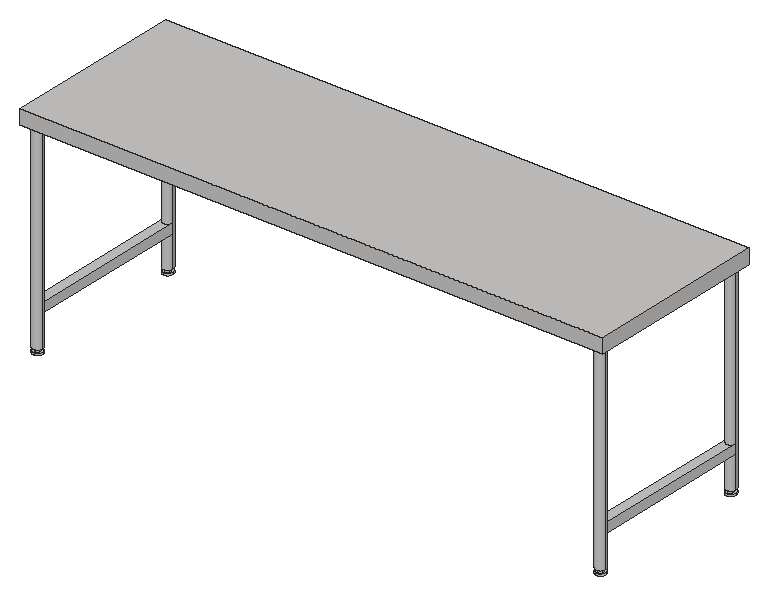
Revit family
Parameters (values of type "2400 X 750")
  URL = "http://www.autospec.co.za/browse.php?id=1644179283"
  Product Code = "None"
  OmniClass Title = ""
  OmniClass Number = ""
  Modspec Classification = ""
  Specification = ""
  Material = Stainless Steel Grade 304
  Location (revit room) = ""
  Description = ""
  Colour = none
  Body Finish = none
  Width = 750 mm
  Model = "Wall Benches Series W-2400 X 750"
  Manufacturer = "Kwikot"  # constant formula
  Length = 2400 mm
  Height = 900 mm
  Assembly Code = "E1090300"
Reference planes
  plane 1 "Center (Front/Back)": y = 0
  plane 2 "Bottom": z = 0
  plane 3 "Center (Left/Right)": x = 0
  plane 4 "Left": x = -1200
  plane 5 "Right": x = 1200
  plane 6 "Front": y = -750
  plane 7 "Top": z = 900
  plane 8: z = 840
Forms (mm)
  Extrusion 1, solid, material "Stainless Steel Grade 304" <- "Material"
    sketch origin (-1200, -491, 4000) x (0, -1, 0) y (0, 0, 1)
      loop
        line (-491, -3160) -> (259, -3160) -> (259, -3100) -> (-491, -3100) -> (-491, -3160)
    from 0 to -2400
  Extrusion 2, solid, material "Stainless Steel Grade 304" <- "Material"
    sketch origin (0, 0, 0) x (1, 0, 0) y (0, 1, 0)
      loop
        circle (-1160, -710) r 21
      loop
        circle (-1160, -40) r 21
      loop
        circle (1160, -710) r 21
      loop
        circle (1160, -40) r 21
    from 0 to 5
  Extrusion 3, solid, material "Stainless Steel Grade 304" <- "Material"
    sketch origin (0, 0, 0) x (1, 0, 0) y (0, 1, 0)
      loop
        circle (-1160, -40) r 10
      loop
        circle (-1160, -710) r 10
      loop
        circle (1160, -710) r 10
      loop
        circle (1160, -40) r 10
    from 5 to 20
  Extrusion 4, solid, material "Stainless Steel Grade 304" <- "Material"
    sketch origin (-779.234, -1524, 840) x (-1, 0, 0) y (0, -1, 0)
      loop
        circle (380.766, -1484) r 21
      loop
        circle (-1939.234, -1484) r 21
      loop
        circle (-1939.234, -814) r 21
      loop
        circle (380.766, -814) r 21
    from 0 to -820
  Extrusion 5, solid, material "Stainless Steel Grade 304" <- "Material"
    sketch origin (0, 0, 0) x (1, 0, 0) y (0, 1, 0)
      loop
        line (-1181, -40) -> (-1181, -710)
        arc (-1181, -710) -> (-1160, -689) -> (-1139, -710) r 21
        line (-1139, -710) -> (-1139, -40)
        arc (-1139, -40) -> (-1160, -61) -> (-1181, -40) r 21
      loop
        line (1139, -40) -> (1139, -710)
        arc (1139, -710) -> (1160, -689) -> (1181, -710) r 21
        line (1181, -710) -> (1181, -40)
        arc (1181, -40) -> (1160, -61) -> (1139, -40) r 21
    from 150 to 190
Lines and regions (mm)
  symbolic lines
    curve 1: line (-1200, 0, 750) -> (-1200, -750, 750)
    curve 2: line (1200, 0, 750) -> (-1200, 0, 750)
    curve 3: line (1200, -750, 750) -> (1200, 0, 750)
    curve 4: line (-1200, -750, 750) -> (1200, -750, 750)
Dimensions and locks
  equal spacing: plane 4 "Left", plane 3 "Center (Left/Right)", plane 5 "Right"
  "Length": plane 4 "Left" to plane 5 "Right"
  "Width": plane 1 "Center (Front/Back)" to plane 6 "Front"
  "Height": plane 7 "Top" to level
  plane 4 "Left" to Extrusion 2 sketch curve = 40 mm  (x2)
  Extrusion 2 sketch curve to plane 6 "Front" = 40 mm  (x2)
  Extrusion 2 sketch curve to plane 1 "Center (Front/Back)" = 40 mm  (x2)
  Extrusion 2 sketch curve to plane 5 "Right" = 40 mm  (x2)
  Extrusion 5 to plane 2 "Bottom" = 150 mm
  plane 7 "Top" to plane 8 = 60 mm
  radius of Extrusion 2 sketch curve = 21 mm  (x4)
  aligned and locked: level to plane 2 "Bottom"
  aligned and locked: Extrusion 1 sketch curve to plane 8
  aligned and locked: Extrusion 1 sketch curve to plane 1 "Center (Front/Back)"
  aligned and locked: Extrusion 1 sketch curve to plane 6 "Front"
  aligned and locked: plane 7 "Top" to Extrusion 1 sketch curve
  aligned and locked: plane 4 "Left" to Extrusion 1
  aligned and locked: Extrusion 1 to plane 5 "Right"
  aligned and locked: Extrusion 4 sketch curve to Extrusion 2  (x8)
  aligned and locked: Extrusion 4 to Extrusion 3
  aligned and locked: Extrusion 5 sketch curve to Extrusion 4  (x4)
Automatic sketch dimensions
  plane 1 "Center (Front/Back)" to curve 2 = 0 mm
  curve 2 to plane 5 "Right" = 0 mm
  curve 1 to plane 4 "Left" = 0 mm
  curve 1 to plane 6 "Front" = 0 mm
  Extrusion 3 sketch curve to plane 4 "Left" = 30 mm  (x2)
  Extrusion 3 sketch curve to Extrusion 3 sketch curve = 10 mm  (x4)
  plane 5 "Right" to Extrusion 3 sketch curve = 50 mm  (x2)
  plane 6 "Front" to Extrusion 3 sketch curve = 40 mm  (x2)
  plane 1 "Center (Front/Back)" to Extrusion 3 sketch curve = 40 mm  (x2)
  Extrusion 5 sketch curve to Extrusion 5 sketch curve = 0 mm
